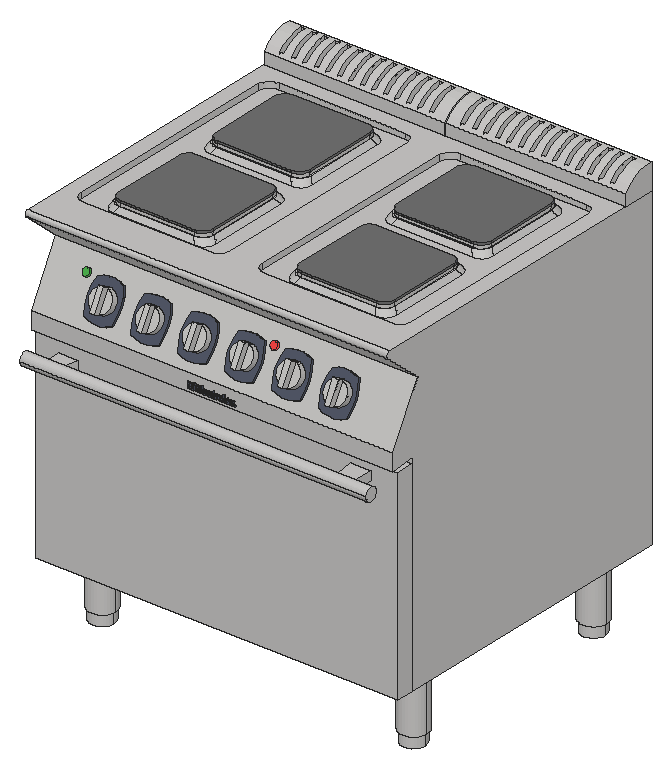
Revit family "QF_ELECTROLUXPROFESSIONAL_371129_E7ECEH4QEN", category Specialty Equipment, Revit 2018
Family settings
  Round Connector Dimension = Use Diameter
  Part Type = Normal
  Work Plane-Based = No
  Always vertical = Yes
  Cut with Voids When Loaded = No
  Shared = No
  Room Calculation Point = No
Parameters
  Width = 800.1 mm  # constant formula
  Weight in Pounds = 176  # constant formula
  Watts = 16400 VA  # 16400 W
  Volts = 230 V  # constant formula
  URL Cutsheet = "www.electrolux.com/foodservice"
  URL = "www.electrolux.com/foodservice"
  Type Mark [instance] = ""
  Status [instance] = ""
  Specification by User [instance] = ""
  Specification by Manufacturer = ""
  Show Logo [instance] = yes
  Show Clearance [instance] = yes
  Serial Number = ""
  Seismic Rating = ""
  SMACNA No = ""
  Revision Code [instance] = ""
  Phase = 3  # constant formula
  Omniclass Number and Title = ""
  Number of Poles [instance] = 1
  NAFEM Spec ID Number = ""
  Model = "371129"
  Min Ckt Ampacity = 0 A
  Max Overcurrent Protection = 0 A
  Masterspec = ""
  Manufacturer = "ELECTROLUX"
  Item Number [instance] = ""
  Installed By [instance] = ""
  Identify Quantity as Lot [instance] = yes
  Height = 908.1 mm  # constant formula
  HP = "22 HP"
  Furnished By [instance] = ""
  Foodservice Equipment Identifier [instance] = yes
  FL Amps = if(Phase = 3, Watts / (Volts * 1.73), Watts / Volts)  # 41.2164 A
  Electrical Remarks [instance] = "230 V/3 ph/50/60 Hz"  # constant formula
  Electric Connection Type [instance] = ""
  Elec Conn RI Height [instance] = 0 mm
  Elec Conn Connection Height [instance] = 0 mm
  Direct Waste Size = 0"
  Description = "700XP 4 Hot Square Plate Electric Boiling Top 2.6KW on Electric Oven - 230V"
  Depth = 730.25 mm  # constant formula
  Cycle = if([60 Hertz Option], 60 Hz, 50 Hz)  # 60 Hz
  Conn Plug = ""
  Conn Conduit = yes
  CSI MasterFormat = ""
  CSI Master Format = ""
  Base Height [instance] = 150 mm  # constant formula
  Apparent Power = if(Phase = 3, Volts * FL Amps * 1.73, Volts * FL Amps)  # 16400 VA
  60 Hertz Option = not([50 Hertz Option])  # yes
  50 Hertz Option = no
Reference planes
  plane 1 "BACK": y = 0
  plane 2: z = 0
  plane 3 "LEFT": x = 0
  plane 4 "RIGHT": x = 800.1
  plane 5 "FRONT": y = -730.25
  plane 6 "TOP": z = 908.1
  plane 7 "Center Y": x = 400.05
  plane 8 "Center X": y = -365.125
  plane 9 "TOP A": z = 851
  plane 10: z = 150
Forms (mm)
  Extrusion 1, solid, material "QF_Finishes_Stainless Steel"
    sketch origin (0, 0, 0) x (0, 1, 0) y (0, 0, 1)
      loop
        line (0, 851) -> (-722.928, 851)
        arc (-722.928, 851) -> (-729.69, 846.314) -> (-727.679, 838.336) r 7.223
        line (-727.679, 838.336) -> (-646.919, 767.809) -> (-713.772, 646.19) -> (-713.772, 608.09) -> (-660.4, 613.7) -> (-660.4, 150) -> (0, 150) -> (0, 851)
    from 0 to 800.1
  Extrusion 2, solid, material "QF_Finishes_Clearance", visible <- "Show Clearance", detail levels coarse
    sketch origin (0, 0, 0) x (1, 0, 0) y (0, 1, 0)
      loop
        line (0, -730.25) -> (0, 0) -> (800.1, 0) -> (800.1, -730.25) -> (950.119, -730.25) -> (950.119, 150.019) -> (-150.019, 150.019) -> (-150.019, -730.25) -> (0, -730.25)
    from 0 to 908.1
  Revolve 3, solid, material "QF_Finishes_Stainless Steel"
    sketch origin (0, -587.387, 608.09) x (0, 0, 1) y (-1, 0, 0)
      loop
        line (-608.09, -56) -> (-458.09, -56) -> (-458.09, -26) -> (-583.09, -26) -> (-583.09, -29.75) -> (-608.09, -29.75) -> (-608.09, -56)
      axis (-608.09, -56) -> (-458.09, -56)
    angle from 0 to 360
  Revolve 4, solid, material "QF_Finishes_Stainless Steel"
    sketch origin (400.05, -587.387, 608.09) x (0, 0, 1) y (-1, 0, 0)
      loop
        line (-608.09, -344.05) -> (-608.09, -370.3) -> (-583.09, -370.3) -> (-583.09, -374.05) -> (-458.09, -374.05) -> (-458.09, -344.05) -> (-608.09, -344.05)
      axis (-608.09, -344.05) -> (-458.09, -344.05)
    angle from 0 to 360
  Revolve 5, solid, material "QF_Finishes_Stainless Steel"
    sketch origin (0, -90, 608.09) x (0, 0, 1) y (-1, 0, 0)
      loop
        line (-608.09, -56) -> (-458.09, -56) -> (-458.09, -26) -> (-583.09, -26) -> (-583.09, -29.75) -> (-608.09, -29.75) -> (-608.09, -56)
      axis (-608.09, -56) -> (-458.09, -56)
    angle from 0 to 360
  Revolve 6, solid, material "QF_Finishes_Stainless Steel"
    sketch origin (400.05, -90, 608.09) x (0, 0, 1) y (-1, 0, 0)
      loop
        line (-608.09, -344.05) -> (-608.09, -370.3) -> (-583.09, -370.3) -> (-583.09, -374.05) -> (-458.09, -374.05) -> (-458.09, -344.05) -> (-608.09, -344.05)
      axis (-608.09, -344.05) -> (-458.09, -344.05)
    angle from 0 to 360
  Extrusion 7, solid, material "QF_Finishes_Stainless Steel"
    sketch origin (-77.88, -4572, 150) x (-1, 0, 0) y (0, -1, 0)
      loop
        circle (-830.355, -4059.238) r 12.7
    from 3.2 to 0
  Extrusion 8, solid, material "QF_Finishes_Stainless Steel"
    sketch origin (199.231, -12.7, -7.5) x (0, 1, 0) y (0, 0, 1)
      loop
        circle (-740.063, 582.209) r 14
    from -181.531 to 583.169
  Extrusion 9, solid, material "QF_Finishes_Stainless Steel"
    sketch origin (-23.75, -12.7, 562.009) x (-1, 0, 0) y (0, -1, 0)
      loop
        line (-84.731, 741.563) -> (-118.724, 741.563) -> (-126.38, 700.088) -> (-84.731, 700.088) -> (-84.731, 741.563)
      loop
        line (-762.869, 741.563) -> (-762.869, 687.387) -> (-718.876, 687.387) -> (-728.876, 741.563) -> (-762.869, 741.563)
    from 0 to 21.491
  Extrusion 10, solid, material "QF_Finishes_Navy Blue", visible <- "Show Logo"
    sketch origin (59.194, -713.772, 608.09) x (0, 0, 1) y (-1, 0, 0)
      loop
        line (20.674, -296.698) -> (8.307, -296.698)
        arc (8.307, -296.698) -> (14.491, -301.27) -> (20.674, -296.698) r 6.467
      loop
        arc (20.674, -296.069) -> (19.505, -290.926) -> (14.849, -288.448) r 6.338
        line (14.849, -288.448) -> (14.849, -290.494)
        arc (14.849, -290.494) -> (16.333, -294.149) -> (19.778, -296.069) r 5.941
        line (19.778, -296.069) -> (20.674, -296.069)
      loop
        arc (9.203, -296.069) -> (12.648, -294.149) -> (14.132, -290.494) r 5.941
        line (14.132, -290.494) -> (14.132, -288.448)
        arc (14.132, -288.448) -> (9.438, -290.922) -> (8.148, -296.069) r 6.504
        line (8.148, -296.069) -> (9.203, -296.069)
      loop
        line (21.349, -287.979) -> (7.604, -287.979) -> (7.604, -301.742) -> (21.349, -301.742) -> (21.349, -287.979)
      loop
        arc (21.432, -304.71) -> (21.085, -304.352) -> (20.718, -304.69) r 0.358
        arc (20.718, -304.69) -> (20.404, -305.44) -> (19.687, -305.825) r 1.216
        line (19.687, -305.825) -> (9.274, -305.825)
        arc (9.274, -305.825) -> (8.614, -305.548) -> (8.218, -304.951) r 1.238
        arc (8.218, -304.951) -> (7.823, -304.7) -> (7.518, -305.054) r 0.358
        line (7.518, -305.054) -> (7.518, -314.933) -> (10.269, -314.933) -> (10.269, -314.036)
        arc (10.269, -314.036) -> (9.36, -313.456) -> (8.904, -312.479) r 1.928
        line (8.904, -312.479) -> (8.904, -309.98)
        arc (8.904, -309.98) -> (9.18, -309.251) -> (9.868, -308.887) r 1.101
        line (9.868, -308.887) -> (13.955, -308.887) -> (13.955, -312.561)
        arc (13.955, -312.561) -> (13.602, -313.058) -> (13.037, -313.286) r 1.083
        arc (13.037, -313.286) -> (12.773, -313.591) -> (13.065, -313.869) r 0.292
        line (13.065, -313.869) -> (16.028, -313.869)
        arc (16.028, -313.869) -> (16.33, -313.596) -> (16.092, -313.266) r 0.305
        arc (16.092, -313.266) -> (15.601, -313.018) -> (15.296, -312.561) r 1.083
        line (15.296, -312.561) -> (15.296, -308.887) -> (19.973, -308.887) -> (19.973, -312.635)
        arc (19.973, -312.635) -> (19.759, -313.39) -> (19.153, -313.888) r 1.314
        arc (19.153, -313.888) -> (18.934, -314.292) -> (19.288, -314.585) r 0.361
        line (19.288, -314.585) -> (21.432, -314.585) -> (21.432, -304.71)
      loop
        arc (20.715, -315.365) -> (20.335, -316.284) -> (19.416, -316.664) r 1.299
        line (19.416, -316.664) -> (9.837, -316.664)
        arc (9.837, -316.664) -> (8.999, -316.286) -> (8.728, -315.408) r 1.118
        line (8.728, -315.408) -> (7.518, -315.408) -> (7.518, -320.758) -> (8.706, -320.758)
        arc (8.706, -320.758) -> (8.978, -319.841) -> (9.848, -319.445) r 1.153
        line (9.848, -319.445) -> (21.92, -319.445) -> (20.715, -315.365)
      loop
        line (12.483, -323.394) -> (12.483, -329.842) -> (13.282, -329.842)
        arc (13.282, -329.842) -> (15.862, -328.857) -> (17.131, -326.404) r 3.874
        line (17.131, -326.404) -> (17.131, -324.643)
        arc (17.131, -324.643) -> (15.944, -321.778) -> (13.08, -320.592) r 4.051
        line (13.08, -320.592) -> (11.072, -320.592)
        arc (11.072, -320.592) -> (8.253, -322.077) -> (7.202, -325.084) r 4.352
        arc (7.202, -325.084) -> (7.566, -327.547) -> (8.943, -329.621) r 5.713
        line (8.943, -329.621) -> (9.892, -329.621)
        arc (9.892, -329.621) -> (9.16, -328.052) -> (8.943, -326.334) r 5.579
        arc (8.943, -326.334) -> (9.737, -324.371) -> (11.616, -323.394) r 3.057
        line (11.616, -323.394) -> (12.483, -323.394)
      loop
        line (13.742, -323.394) -> (13.742, -326.977)
        arc (13.742, -326.977) -> (15.199, -327.024) -> (16.082, -325.864) r 1.59
        line (16.082, -325.864) -> (16.082, -325.034)
        arc (16.082, -325.034) -> (15.217, -323.779) -> (13.742, -323.394) r 2.184
      loop
        arc (16.533, -339.259) -> (17.022, -337.585) -> (17.179, -335.848) r 9.023
        line (17.179, -335.848) -> (17.179, -334.486)
        arc (17.179, -334.486) -> (16.02, -331.686) -> (13.22, -330.527) r 3.959
        line (13.22, -330.527) -> (10.62, -330.527)
        arc (10.62, -330.527) -> (8.338, -331.819) -> (7.221, -334.192) r 4.331
        line (7.221, -334.192) -> (7.221, -336.327)
        arc (7.221, -336.327) -> (7.729, -337.877) -> (8.651, -339.223) r 5.772
        arc (8.651, -339.223) -> (9.412, -339.274) -> (9.499, -338.515) r 0.553
        arc (9.499, -338.515) -> (9.111, -337.781) -> (8.977, -336.962) r 2.573
        line (8.977, -336.962) -> (8.977, -335.447)
        arc (8.977, -335.447) -> (9.983, -333.806) -> (11.798, -333.163) r 2.884
        line (11.798, -333.163) -> (13.077, -333.163)
        arc (13.077, -333.163) -> (14.898, -333.723) -> (15.824, -335.388) r 2.554
        line (15.824, -335.388) -> (15.824, -336.441)
        arc (15.824, -336.441) -> (15.493, -337.369) -> (14.836, -338.104) r 2.564
        arc (14.836, -338.104) -> (14.614, -338.821) -> (15.223, -339.259) r 0.643
        line (15.223, -339.259) -> (16.533, -339.259)
      loop
        line (15.515, -339.53) -> (15.515, -341.031) -> (9.467, -341.031)
        arc (9.467, -341.031) -> (7.879, -341.688) -> (7.221, -343.276) r 2.246
        line (7.221, -343.276) -> (7.221, -344.86)
        arc (7.221, -344.86) -> (7.535, -345.725) -> (8.035, -346.496) r 4.06
        arc (8.035, -346.496) -> (8.768, -346.629) -> (9.019, -345.928) r 0.576
        arc (9.019, -345.928) -> (8.913, -345.403) -> (8.977, -344.87) r 1.69
        arc (8.977, -344.87) -> (9.519, -344.082) -> (10.425, -343.779) r 1.506
        line (10.425, -343.779) -> (15.563, -343.779) -> (15.563, -346.176) -> (16.119, -346.733) -> (16.941, -346.733) -> (16.941, -343.873) -> (20.172, -343.873) -> (15.515, -339.53)
      loop
        line (7.438, -347.63) -> (7.438, -353.017) -> (8.548, -353.017)
        arc (8.548, -353.017) -> (8.942, -352.066) -> (9.893, -351.672) r 1.345
        line (9.893, -351.672) -> (13.509, -351.672)
        arc (13.509, -351.672) -> (14.274, -352.264) -> (14.564, -353.186) r 1.615
        line (14.564, -353.186) -> (14.564, -354.742) -> (17.119, -355.427) -> (17.119, -354.044) -> (15.177, -351.485) -> (17.057, -351.485) -> (16.773, -348.779)
        arc (16.773, -348.779) -> (16.333, -348.249) -> (15.674, -348.45) r 0.621
        arc (15.674, -348.45) -> (15.274, -348.792) -> (14.78, -348.975) r 1.501
        line (14.78, -348.975) -> (9.893, -348.975)
        arc (9.893, -348.975) -> (8.942, -348.581) -> (8.548, -347.63) r 1.345
        line (8.548, -347.63) -> (7.438, -347.63)
      loop
        line (13.54, -354.964) -> (10.848, -354.964)
        arc (10.848, -354.964) -> (8.403, -356.272) -> (7.269, -358.803) r 4.288
        arc (7.269, -358.803) -> (7.205, -360.183) -> (7.269, -361.563) r 15.022
        arc (7.269, -361.563) -> (8.403, -364.094) -> (10.848, -365.401) r 4.288
        line (10.848, -365.401) -> (13.54, -365.401)
        arc (13.54, -365.401) -> (15.986, -364.094) -> (17.119, -361.563) r 4.288
        arc (17.119, -361.563) -> (17.183, -360.183) -> (17.119, -358.803) r 15.022
        arc (17.119, -358.803) -> (15.986, -356.272) -> (13.54, -354.964) r 4.288
      loop
        line (13.745, -358.078) -> (10.643, -358.078)
        arc (10.643, -358.078) -> (8.486, -360.235) -> (10.643, -362.392) r 2.157
        line (10.643, -362.392) -> (13.745, -362.392)
        arc (13.745, -362.392) -> (15.902, -360.235) -> (13.745, -358.078) r 2.157
      loop
        arc (20.726, -365.26) -> (20.355, -366.154) -> (19.461, -366.524) r 1.264
        line (19.461, -366.524) -> (9.597, -366.524)
        arc (9.597, -366.524) -> (8.727, -366.127) -> (8.455, -365.211) r 1.153
        line (8.455, -365.211) -> (7.518, -365.211) -> (7.518, -370.319) -> (8.446, -370.319)
        arc (8.446, -370.319) -> (8.805, -369.547) -> (9.597, -369.232) r 1.153
        line (9.597, -369.232) -> (21.92, -369.232) -> (20.726, -365.26)
      loop
        arc (15.846, -369.857) -> (15.647, -370.921) -> (14.678, -371.403) r 1.215
        line (14.678, -371.403) -> (9.658, -371.403)
        arc (9.658, -371.403) -> (8.043, -372.051) -> (7.322, -373.634) r 2.338
        line (7.322, -373.634) -> (7.322, -375.148)
        arc (7.322, -375.148) -> (7.497, -376.152) -> (7.999, -377.038) r 2.979
        line (7.999, -377.038) -> (7.518, -378.835) -> (7.518, -380.524) -> (16.943, -380.524) -> (16.649, -376.32) -> (15.863, -376.32)
        arc (15.863, -376.32) -> (15.507, -377.156) -> (14.755, -377.665) r 1.605
        line (14.755, -377.665) -> (9.652, -377.665)
        arc (9.652, -377.665) -> (9.232, -376.728) -> (9.159, -375.704) r 2.94
        arc (9.159, -375.704) -> (9.72, -374.603) -> (10.873, -374.16) r 1.724
        line (10.873, -374.16) -> (17.07, -374.16) -> (15.846, -369.857)
      loop
        line (16.874, -381.377) -> (15.202, -383.423) -> (12.028, -385.729) -> (8.572, -382.617)
        arc (8.572, -382.617) -> (8.335, -382.223) -> (8.357, -381.764) r 0.789
        line (8.357, -381.764) -> (7.518, -381.764) -> (7.518, -385.309) -> (8.344, -385.309)
        arc (8.344, -385.309) -> (8.686, -384.947) -> (9.176, -385.039) r 0.52
        line (9.176, -385.039) -> (10.976, -386.51) -> (8.858, -387.886)
        arc (8.858, -387.886) -> (8.457, -387.576) -> (8.37, -387.076) r 0.7
        line (8.37, -387.076) -> (7.518, -387.076) -> (7.518, -393.003) -> (8.405, -393.003)
        arc (8.405, -393.003) -> (8.472, -392.344) -> (8.866, -391.813) r 1.247
        line (8.866, -391.813) -> (13.066, -388.532) -> (15.513, -390.585) -> (16.874, -392.327) -> (16.874, -388.604) -> (15.389, -389.026) -> (13.868, -387.749) -> (15.568, -386.559) -> (16.874, -387.336) -> (16.874, -381.377)
    from 0 to 1.644
  Extrusion 11, solid, material "QF_Finishes_Stainless Steel"
    sketch origin (0, -660.4, 601) x (0, 0, 1) y (-1, 0, 0)
      loop
        line (0, -800.1) -> (0, 0) -> (-451, 0) -> (-451, -800.1) -> (0, -800.1)
    from 1.588 to 39.688
  Extrusion 12, solid, material "QF_Finishes_Navy Blue"
    sketch origin (-221.762, -716.743, 640.785) x (0, 0.481713, 0.876329) y (-1, 0, 0)
      loop
        arc (105.947, -332.692) -> (68.865, -323.711) -> (31.333, -330.573) r 91.844
        arc (31.333, -330.573) -> (24.206, -361.215) -> (31.333, -391.858) r 69.441
        arc (31.333, -391.858) -> (68.854, -398.569) -> (105.947, -389.79) r 93.759
        arc (105.947, -389.79) -> (112.176, -361.241) -> (105.947, -332.692) r 68.543
    from 0 to 3.175
  Extrusion 13, solid, material "QF_Finishes_Stainless Steel"
    sketch origin (-20.512, -719.526, 642.314) x (0, 0.481713, 0.876329) y (-1, 0, 0)
      loop
        circle (68.826, -160.963) r 25.4
    from 0 to 12.7
  Extrusion 14, solid, material "QF_Finishes_Stainless Steel"
    sketch origin (-20.512, -730.655, 648.432) x (0, 0.481713, 0.876329) y (-1, 0, 0)
      loop
        arc (93.558, -166.749) -> (94.226, -160.963) -> (93.558, -155.177) r 25.4
        line (93.558, -155.177) -> (44.094, -155.177)
        arc (44.094, -155.177) -> (43.426, -160.963) -> (44.094, -166.749) r 25.4
        line (44.094, -166.749) -> (93.558, -166.749)
    from 0 to 12.7
  Extrusion 15, solid, material "QF_Finishes_Green"
    sketch origin (-92.5, -696.912, 676.862) x (0, 0.481713, 0.876329) y (-1, 0, 0)
      loop
        circle (63.365, -178.251) r 8
    from 0 to 3.175
  Extrusion 16, solid, material "QF_Finishes_Door Clearance", visible <- "Show Clearance", detail levels coarse
    sketch origin (400.05, 0, 0) x (0, 1, 0) y (0, 0, 1)
      loop
        line (-700.088, 150) -> (-700.088, 601)
        arc (-700.088, 601) -> (-992.356, 454.945) -> (-1109.663, 150) r 451.686
        line (-1109.663, 150) -> (-700.088, 150)
    from -400.05 to 400.05
  Extrusion 17, solid, material "QF_Finishes_Navy Blue"
    sketch origin (297.436, -716.743, 640.785) x (0, 0.481713, 0.876329) y (-1, 0, 0)
      loop
        arc (105.947, -332.692) -> (68.865, -323.711) -> (31.333, -330.573) r 91.844
        arc (31.333, -330.573) -> (24.206, -361.215) -> (31.333, -391.858) r 69.441
        arc (31.333, -391.858) -> (68.854, -398.569) -> (105.947, -389.79) r 93.759
        arc (105.947, -389.79) -> (112.176, -361.241) -> (105.947, -332.692) r 68.543
    from 0 to 3.175
  Extrusion 18, solid, material "QF_Finishes_Stainless Steel"
    sketch origin (498.686, -719.526, 642.314) x (0, 0.481713, 0.876329) y (-1, 0, 0)
      loop
        circle (68.826, -160.963) r 25.4
    from 0 to 12.7
  Extrusion 19, solid, material "QF_Finishes_Stainless Steel"
    sketch origin (498.686, -730.655, 648.432) x (0, 0.481713, 0.876329) y (-1, 0, 0)
      loop
        arc (93.558, -166.749) -> (94.226, -160.963) -> (93.558, -155.177) r 25.4
        line (93.558, -155.177) -> (44.094, -155.177)
        arc (44.094, -155.177) -> (43.426, -160.963) -> (44.094, -166.749) r 25.4
        line (44.094, -166.749) -> (93.558, -166.749)
    from 0 to 12.7
  Extrusion 20, solid, material "QF_Finishes_Navy Blue"
    sketch origin (-117.922, -716.743, 640.785) x (0, 0.481713, 0.876329) y (-1, 0, 0)
      loop
        arc (105.947, -332.692) -> (68.865, -323.711) -> (31.333, -330.573) r 91.844
        arc (31.333, -330.573) -> (24.206, -361.215) -> (31.333, -391.858) r 69.441
        arc (31.333, -391.858) -> (68.854, -398.569) -> (105.947, -389.79) r 93.759
        arc (105.947, -389.79) -> (112.176, -361.241) -> (105.947, -332.692) r 68.543
    from 0 to 3.175
  Extrusion 21, solid, material "QF_Finishes_Stainless Steel"
    sketch origin (83.328, -719.526, 642.314) x (0, 0.481713, 0.876329) y (-1, 0, 0)
      loop
        circle (68.826, -160.963) r 25.4
    from 0 to 12.7
  Extrusion 22, solid, material "QF_Finishes_Stainless Steel"
    sketch origin (83.328, -730.655, 648.432) x (0, 0.481713, 0.876329) y (-1, 0, 0)
      loop
        arc (93.558, -166.749) -> (94.226, -160.963) -> (93.558, -155.177) r 25.4
        line (93.558, -155.177) -> (44.094, -155.177)
        arc (44.094, -155.177) -> (43.426, -160.963) -> (44.094, -166.749) r 25.4
        line (44.094, -166.749) -> (93.558, -166.749)
    from 0 to 12.7
  Extrusion 23, solid, material "QF_Finishes_Navy Blue"
    sketch origin (-14.083, -716.743, 640.785) x (0, 0.481713, 0.876329) y (-1, 0, 0)
      loop
        arc (105.947, -332.692) -> (68.865, -323.711) -> (31.333, -330.573) r 91.844
        arc (31.333, -330.573) -> (24.206, -361.215) -> (31.333, -391.858) r 69.441
        arc (31.333, -391.858) -> (68.854, -398.569) -> (105.947, -389.79) r 93.759
        arc (105.947, -389.79) -> (112.176, -361.241) -> (105.947, -332.692) r 68.543
    from 0 to 3.175
  Extrusion 24, solid, material "QF_Finishes_Stainless Steel"
    sketch origin (187.167, -719.526, 642.314) x (0, 0.481713, 0.876329) y (-1, 0, 0)
      loop
        circle (68.826, -160.963) r 25.4
    from 0 to 12.7
  Extrusion 25, solid, material "QF_Finishes_Stainless Steel"
    sketch origin (187.167, -730.655, 648.432) x (0, 0.481713, 0.876329) y (-1, 0, 0)
      loop
        arc (93.558, -166.749) -> (94.226, -160.963) -> (93.558, -155.177) r 25.4
        line (93.558, -155.177) -> (44.094, -155.177)
        arc (44.094, -155.177) -> (43.426, -160.963) -> (44.094, -166.749) r 25.4
        line (44.094, -166.749) -> (93.558, -166.749)
    from 0 to 12.7
  Extrusion 26, solid, material "QF_Finishes_Navy Blue"
    sketch origin (89.757, -716.743, 640.785) x (0, 0.481713, 0.876329) y (-1, 0, 0)
      loop
        arc (105.947, -332.692) -> (68.865, -323.711) -> (31.333, -330.573) r 91.844
        arc (31.333, -330.573) -> (24.206, -361.215) -> (31.333, -391.858) r 69.441
        arc (31.333, -391.858) -> (68.854, -398.569) -> (105.947, -389.79) r 93.759
        arc (105.947, -389.79) -> (112.176, -361.241) -> (105.947, -332.692) r 68.543
    from 0 to 3.175
  Extrusion 27, solid, material "QF_Finishes_Stainless Steel"
    sketch origin (291.007, -719.526, 642.314) x (0, 0.481713, 0.876329) y (-1, 0, 0)
      loop
        circle (68.826, -160.963) r 25.4
    from 0 to 12.7
  Extrusion 28, solid, material "QF_Finishes_Stainless Steel"
    sketch origin (291.007, -730.655, 648.432) x (0, 0.481713, 0.876329) y (-1, 0, 0)
      loop
        arc (93.558, -166.749) -> (94.226, -160.963) -> (93.558, -155.177) r 25.4
        line (93.558, -155.177) -> (44.094, -155.177)
        arc (44.094, -155.177) -> (43.426, -160.963) -> (44.094, -166.749) r 25.4
        line (44.094, -166.749) -> (93.558, -166.749)
    from 0 to 12.7
  Extrusion 29, solid, material "QF_Finishes_Navy Blue"
    sketch origin (193.596, -716.743, 640.785) x (0, 0.481713, 0.876329) y (-1, 0, 0)
      loop
        arc (105.947, -332.692) -> (68.865, -323.711) -> (31.333, -330.573) r 91.844
        arc (31.333, -330.573) -> (24.206, -361.215) -> (31.333, -391.858) r 69.441
        arc (31.333, -391.858) -> (68.854, -398.569) -> (105.947, -389.79) r 93.759
        arc (105.947, -389.79) -> (112.176, -361.241) -> (105.947, -332.692) r 68.543
    from 0 to 3.175
  Extrusion 30, solid, material "QF_Finishes_Stainless Steel"
    sketch origin (394.846, -719.526, 642.314) x (0, 0.481713, 0.876329) y (-1, 0, 0)
      loop
        circle (68.826, -160.963) r 25.4
    from 0 to 12.7
  Extrusion 31, solid, material "QF_Finishes_Stainless Steel"
    sketch origin (394.846, -730.655, 648.432) x (0, 0.481713, 0.876329) y (-1, 0, 0)
      loop
        arc (93.558, -166.749) -> (94.226, -160.963) -> (93.558, -155.177) r 25.4
        line (93.558, -155.177) -> (44.094, -155.177)
        arc (44.094, -155.177) -> (43.426, -160.963) -> (44.094, -166.749) r 25.4
        line (44.094, -166.749) -> (93.558, -166.749)
    from 0 to 12.7
  Extrusion 32, solid, material "QF_Finishes_Stainless Steel"
    sketch origin (0, 0, 576.362) x (0, 1, 0) y (0, 0, 1)
      loop
        line (0, 274.638) -> (0, 331.738)
        arc (0, 331.738) -> (-38.857, 324.552) -> (-69.85, 300.038) r 82.056
        line (-69.85, 300.038) -> (-69.85, 274.638) -> (0, 274.638)
    from 0 to 400.05
  Extrusion 33, void
    sketch origin (0, 0, 851) x (0, -1, 0) y (1, 0, 0)
      loop
        line (6.761, 29.703) -> (63.911, 29.703) -> (63.911, 38.999) -> (6.761, 38.999) -> (6.761, 29.703)
      loop
        line (63.911, 64.487) -> (6.761, 64.487) -> (6.761, 55.191) -> (63.911, 55.191) -> (63.911, 64.487)
      loop
        line (63.911, 89.975) -> (6.761, 89.975) -> (6.761, 80.68) -> (63.911, 80.68) -> (63.911, 89.975)
      loop
        line (63.911, 115.464) -> (6.761, 115.464) -> (6.761, 106.168) -> (63.911, 106.168) -> (63.911, 115.464)
      loop
        line (63.911, 140.952) -> (6.761, 140.952) -> (6.761, 131.656) -> (63.911, 131.656) -> (63.911, 140.952)
      loop
        line (63.911, 166.44) -> (6.761, 166.44) -> (6.761, 157.145) -> (63.911, 157.145) -> (63.911, 166.44)
      loop
        line (63.911, 191.929) -> (6.761, 191.929) -> (6.761, 182.633) -> (63.911, 182.633) -> (63.911, 191.929)
      loop
        line (63.911, 217.417) -> (6.761, 217.417) -> (6.761, 208.121) -> (63.911, 208.121) -> (63.911, 217.417)
      loop
        line (63.911, 242.905) -> (6.761, 242.905) -> (6.761, 233.61) -> (63.911, 233.61) -> (63.911, 242.905)
      loop
        line (63.911, 268.394) -> (6.761, 268.394) -> (6.761, 259.098) -> (63.911, 259.098) -> (63.911, 268.394)
      loop
        line (63.911, 293.882) -> (6.761, 293.882) -> (6.761, 284.586) -> (63.911, 284.586) -> (63.911, 293.882)
      loop
        line (63.911, 319.37) -> (6.761, 319.37) -> (6.761, 310.075) -> (63.911, 310.075) -> (63.911, 319.37)
      loop
        line (63.911, 344.859) -> (6.761, 344.859) -> (6.761, 335.563) -> (63.911, 335.563) -> (63.911, 344.859)
      loop
        line (63.911, 370.347) -> (6.761, 370.347) -> (6.761, 361.051) -> (63.911, 361.051) -> (63.911, 370.347)
    from 25.4 to 63.5
  Extrusion 34, void
    sketch origin (0, 0, 851) x (1, 0, 0) y (0, -1, 0)
      loop
        line (60.425, 104.885) -> (339.625, 104.885)
        arc (339.625, 104.885) -> (357.586, 112.324) -> (365.025, 130.285) r 25.4
        line (365.025, 130.285) -> (365.025, 619.485)
        arc (365.025, 619.485) -> (357.586, 637.445) -> (339.625, 644.885) r 25.4
        line (339.625, 644.885) -> (60.425, 644.885)
        arc (60.425, 644.885) -> (42.464, 637.445) -> (35.025, 619.485) r 25.4
        line (35.025, 619.485) -> (35.025, 130.285)
        arc (35.025, 130.285) -> (42.464, 112.324) -> (60.425, 104.885) r 25.4
      loop
        arc (739.675, 104.885) -> (757.636, 112.324) -> (765.075, 130.285) r 25.4
        line (765.075, 130.285) -> (765.075, 619.485)
        arc (765.075, 619.485) -> (757.636, 637.445) -> (739.675, 644.885) r 25.4
        line (739.675, 644.885) -> (460.475, 644.885)
        arc (460.475, 644.885) -> (442.514, 637.445) -> (435.075, 619.485) r 25.4
        line (435.075, 619.485) -> (435.075, 130.285)
        arc (435.075, 130.285) -> (442.514, 112.324) -> (460.475, 104.885) r 25.4
        line (460.475, 104.885) -> (739.675, 104.885)
    from 0 to 12.7
  Extrusion 35, solid, material "QF_Finishes_Stainless Steel"
    sketch origin (400.05, 0, 576.362) x (0, 1, 0) y (0, 0, 1)
      loop
        line (0, 274.638) -> (0, 331.738)
        arc (0, 331.738) -> (-38.857, 324.552) -> (-69.85, 300.038) r 82.056
        line (-69.85, 300.038) -> (-69.85, 274.638) -> (0, 274.638)
    from 0 to 400.05
  Extrusion 36, void
    sketch origin (400.05, 0, 851) x (0, -1, 0) y (1, 0, 0)
      loop
        line (6.761, 29.703) -> (63.911, 29.703) -> (63.911, 38.999) -> (6.761, 38.999) -> (6.761, 29.703)
      loop
        line (63.911, 64.487) -> (6.761, 64.487) -> (6.761, 55.191) -> (63.911, 55.191) -> (63.911, 64.487)
      loop
        line (63.911, 89.975) -> (6.761, 89.975) -> (6.761, 80.68) -> (63.911, 80.68) -> (63.911, 89.975)
      loop
        line (63.911, 115.464) -> (6.761, 115.464) -> (6.761, 106.168) -> (63.911, 106.168) -> (63.911, 115.464)
      loop
        line (63.911, 140.952) -> (6.761, 140.952) -> (6.761, 131.656) -> (63.911, 131.656) -> (63.911, 140.952)
      loop
        line (63.911, 166.44) -> (6.761, 166.44) -> (6.761, 157.145) -> (63.911, 157.145) -> (63.911, 166.44)
      loop
        line (63.911, 191.929) -> (6.761, 191.929) -> (6.761, 182.633) -> (63.911, 182.633) -> (63.911, 191.929)
      loop
        line (63.911, 217.417) -> (6.761, 217.417) -> (6.761, 208.121) -> (63.911, 208.121) -> (63.911, 217.417)
      loop
        line (63.911, 242.905) -> (6.761, 242.905) -> (6.761, 233.61) -> (63.911, 233.61) -> (63.911, 242.905)
      loop
        line (63.911, 268.394) -> (6.761, 268.394) -> (6.761, 259.098) -> (63.911, 259.098) -> (63.911, 268.394)
      loop
        line (63.911, 293.882) -> (6.761, 293.882) -> (6.761, 284.586) -> (63.911, 284.586) -> (63.911, 293.882)
      loop
        line (63.911, 319.37) -> (6.761, 319.37) -> (6.761, 310.075) -> (63.911, 310.075) -> (63.911, 319.37)
      loop
        line (63.911, 344.859) -> (6.761, 344.859) -> (6.761, 335.563) -> (63.911, 335.563) -> (63.911, 344.859)
      loop
        line (63.911, 370.347) -> (6.761, 370.347) -> (6.761, 361.051) -> (63.911, 361.051) -> (63.911, 370.347)
    from 25.4 to 63.5
  Extrusion 37, solid, material "QF_Finishes_Red"
    sketch origin (322.858, -696.912, 676.862) x (0, 0.481713, 0.876329) y (-1, 0, 0)
      loop
        circle (63.365, -178.251) r 8
    from 0 to 3.175
Cuts and joins
  joined: Extrusion 8, Extrusion 9
  Extrusion 33, Extrusion 36 cuts Extrusion 32
  Extrusion 34 cuts Extrusion 1
  Extrusion 36 cuts Extrusion 2
  Extrusion 36 cuts Extrusion 35
Lines and regions (mm)
  symbolic lines, style "QF-Clearances", visible <- "Show Clearance", detail levels coarse
    curve 1: line (-150.019, 150.019, 851) -> (-150.019, -731.627, 851)
    curve 2: line (950.119, 150.019, 851) -> (-150.019, 150.019, 851)
    curve 3: line (950.119, -731.627, 851) -> (950.119, 150.019, 851)
  symbolic lines
    curve 4: line (0, 0, 851) -> (800.1, 0, 851)
    curve 5: line (0, -730.25, 851) -> (0, 0, 851)
    curve 6: line (800.1, 0, 851) -> (800.1, -730.25, 851)
    curve 7: line (0, -69.85, 851) -> (0, -63.012, 851)
    curve 8: line (800.1, -730.25, 851) -> (0, -730.25, 851)
    curve 9: line (0, -69.85, 851) -> (800.1, -69.85, 851)
    curve 13: line (17.7, -738.763, 851) -> (17.7, -766.763, 851)
    curve 14: line (782.4, -766.763, 851) -> (17.7, -766.763, 851)
    curve 15: line (782.4, -738.763, 851) -> (782.4, -766.763, 851)
    curve 16: line (400.05, -69.85, 851) -> (400.05, -63.012, 851)
    curve 17: line (17.7, -738.763, 851) -> (782.4, -738.763, 851)
    curve 18: line (60.981, -738.763, 851) -> (60.981, -730.25, 851)
    curve 19: line (97.835, -738.763, 851) -> (99.406, -730.25, 851)
    curve 20: line (739.119, -738.763, 851) -> (739.119, -730.25, 851)
    curve 21: line (702.265, -738.763, 851) -> (700.694, -730.25, 851)
    curve 22: line (60.425, -104.885, 851) -> (339.625, -104.885, 851)
    curve 23: arc (339.625, -104.885, 851) -> (357.586, -112.324, 851) -> (365.025, -130.285, 851) r 25.4
    curve 24: line (365.025, -130.285, 851) -> (365.025, -619.485, 851)
    curve 25: arc (365.025, -619.485, 851) -> (357.586, -637.445, 851) -> (339.625, -644.885, 851) r 25.4
    curve 26: line (339.625, -644.885, 851) -> (60.425, -644.885, 851)
    curve 27: arc (60.425, -644.885, 851) -> (42.464, -637.445, 851) -> (35.025, -619.485, 851) r 25.4
    curve 28: line (35.025, -619.485, 851) -> (35.025, -130.285, 851)
    curve 29: arc (35.025, -130.285, 851) -> (42.464, -112.324, 851) -> (60.425, -104.885, 851) r 25.4
    curve 30: line (460.475, -104.885, 851) -> (739.675, -104.885, 851)
    curve 31: arc (739.675, -104.885, 851) -> (757.636, -112.324, 851) -> (765.075, -130.285, 851) r 25.4
    curve 32: line (765.075, -130.285, 851) -> (765.075, -619.485, 851)
    curve 33: arc (765.075, -619.485, 851) -> (757.636, -637.445, 851) -> (739.675, -644.885, 851) r 25.4
    curve 34: line (739.675, -644.885, 851) -> (460.475, -644.885, 851)
    curve 35: arc (460.475, -644.885, 851) -> (442.514, -637.445, 851) -> (435.075, -619.485, 851) r 25.4
    curve 36: line (435.075, -619.485, 851) -> (435.075, -130.285, 851)
    curve 37: arc (435.075, -130.285, 851) -> (442.514, -112.324, 851) -> (460.475, -104.885, 851) r 25.4
    curve 38: line (400.05, -69.85, 851) -> (400.05, 0, 851)
    curve 39: line (29.703, -6.761, 851) -> (38.999, -6.761, 851)
    curve 40: line (29.703, -63.911, 851) -> (29.703, -6.761, 851)
    curve 41: line (38.999, -63.911, 851) -> (29.703, -63.911, 851)
    curve 42: line (38.999, -6.761, 851) -> (38.999, -63.911, 851)
    curve 43: line (55.191, -6.761, 851) -> (64.487, -6.761, 851)
    curve 44: line (55.191, -63.911, 851) -> (55.191, -6.761, 851)
    curve 45: line (64.487, -63.911, 851) -> (55.191, -63.911, 851)
    curve 46: line (64.487, -6.761, 851) -> (64.487, -63.911, 851)
    curve 47: line (80.68, -6.761, 851) -> (89.975, -6.761, 851)
    curve 48: line (80.68, -63.911, 851) -> (80.68, -6.761, 851)
    curve 49: line (89.975, -63.911, 851) -> (80.68, -63.911, 851)
    curve 50: line (89.975, -6.761, 851) -> (89.975, -63.911, 851)
    curve 51: line (106.168, -6.761, 851) -> (115.464, -6.761, 851)
    curve 52: line (106.168, -63.911, 851) -> (106.168, -6.761, 851)
    curve 53: line (115.464, -63.911, 851) -> (106.168, -63.911, 851)
    curve 54: line (115.464, -6.761, 851) -> (115.464, -63.911, 851)
    curve 55: line (131.656, -6.761, 851) -> (140.952, -6.761, 851)
    curve 56: line (131.656, -63.911, 851) -> (131.656, -6.761, 851)
    curve 57: line (140.952, -63.911, 851) -> (131.656, -63.911, 851)
    curve 58: line (140.952, -6.761, 851) -> (140.952, -63.911, 851)
    curve 59: line (157.145, -6.761, 851) -> (166.44, -6.761, 851)
    curve 60: line (157.145, -63.911, 851) -> (157.145, -6.761, 851)
    curve 61: line (166.44, -63.911, 851) -> (157.145, -63.911, 851)
    curve 62: line (166.44, -6.761, 851) -> (166.44, -63.911, 851)
    curve 63: line (182.633, -6.761, 851) -> (191.929, -6.761, 851)
    curve 64: line (182.633, -63.911, 851) -> (182.633, -6.761, 851)
    curve 65: line (191.929, -63.911, 851) -> (182.633, -63.911, 851)
    curve 66: line (191.929, -6.761, 851) -> (191.929, -63.911, 851)
    curve 67: line (208.121, -6.761, 851) -> (217.417, -6.761, 851)
    curve 68: line (208.121, -63.911, 851) -> (208.121, -6.761, 851)
    curve 69: line (217.417, -63.911, 851) -> (208.121, -63.911, 851)
    curve 70: line (217.417, -6.761, 851) -> (217.417, -63.911, 851)
    curve 71: line (233.61, -6.761, 851) -> (242.905, -6.761, 851)
    curve 72: line (233.61, -63.911, 851) -> (233.61, -6.761, 851)
    curve 73: line (242.905, -63.911, 851) -> (233.61, -63.911, 851)
    curve 74: line (242.905, -6.761, 851) -> (242.905, -63.911, 851)
    curve 75: line (259.098, -6.761, 851) -> (268.394, -6.761, 851)
    curve 76: line (259.098, -63.911, 851) -> (259.098, -6.761, 851)
    curve 77: line (268.394, -63.911, 851) -> (259.098, -63.911, 851)
    curve 78: line (268.394, -6.761, 851) -> (268.394, -63.911, 851)
    curve 79: line (284.586, -6.761, 851) -> (293.882, -6.761, 851)
    curve 80: line (284.586, -63.911, 851) -> (284.586, -6.761, 851)
    curve 81: line (293.882, -63.911, 851) -> (284.586, -63.911, 851)
    curve 82: line (293.882, -6.761, 851) -> (293.882, -63.911, 851)
    curve 83: line (310.075, -6.761, 851) -> (319.37, -6.761, 851)
    curve 84: line (310.075, -63.911, 851) -> (310.075, -6.761, 851)
    curve 85: line (319.37, -63.911, 851) -> (310.075, -63.911, 851)
    curve 86: line (319.37, -6.761, 851) -> (319.37, -63.911, 851)
    curve 87: line (335.563, -6.761, 851) -> (344.859, -6.761, 851)
    curve 88: line (335.563, -63.911, 851) -> (335.563, -6.761, 851)
    curve 89: line (344.859, -63.911, 851) -> (335.563, -63.911, 851)
    curve 90: line (344.859, -6.761, 851) -> (344.859, -63.911, 851)
    curve 91: line (361.051, -6.761, 851) -> (370.347, -6.761, 851)
    curve 92: line (361.051, -63.911, 851) -> (361.051, -6.761, 851)
    curve 93: line (370.347, -63.911, 851) -> (361.051, -63.911, 851)
    curve 94: line (370.347, -6.761, 851) -> (370.347, -63.911, 851)
    curve 95: line (770.397, -6.761, 851) -> (761.101, -6.761, 851)
    curve 96: line (770.397, -63.911, 851) -> (770.397, -6.761, 851)
    curve 97: line (761.101, -63.911, 851) -> (770.397, -63.911, 851)
    curve 98: line (761.101, -6.761, 851) -> (761.101, -63.911, 851)
    curve 99: line (744.909, -6.761, 851) -> (735.613, -6.761, 851)
    curve 100: line (744.909, -63.911, 851) -> (744.909, -6.761, 851)
    curve 101: line (735.613, -63.911, 851) -> (744.909, -63.911, 851)
    curve 102: line (735.613, -6.761, 851) -> (735.613, -63.911, 851)
    curve 103: line (719.42, -6.761, 851) -> (710.125, -6.761, 851)
    curve 104: line (719.42, -63.911, 851) -> (719.42, -6.761, 851)
    curve 105: line (710.125, -63.911, 851) -> (719.42, -63.911, 851)
    curve 106: line (710.125, -6.761, 851) -> (710.125, -63.911, 851)
    curve 107: line (693.932, -6.761, 851) -> (684.636, -6.761, 851)
    curve 108: line (693.932, -63.911, 851) -> (693.932, -6.761, 851)
    curve 109: line (684.636, -63.911, 851) -> (693.932, -63.911, 851)
    curve 110: line (684.636, -6.761, 851) -> (684.636, -63.911, 851)
    curve 111: line (668.444, -6.761, 851) -> (659.148, -6.761, 851)
    curve 112: line (668.444, -63.911, 851) -> (668.444, -6.761, 851)
    curve 113: line (659.148, -63.911, 851) -> (668.444, -63.911, 851)
    curve 114: line (659.148, -6.761, 851) -> (659.148, -63.911, 851)
    curve 115: line (642.955, -6.761, 851) -> (633.66, -6.761, 851)
    curve 116: line (642.955, -63.911, 851) -> (642.955, -6.761, 851)
    curve 117: line (633.66, -63.911, 851) -> (642.955, -63.911, 851)
    curve 118: line (633.66, -6.761, 851) -> (633.66, -63.911, 851)
    curve 119: line (617.467, -6.761, 851) -> (608.171, -6.761, 851)
    curve 120: line (617.467, -63.911, 851) -> (617.467, -6.761, 851)
    curve 121: line (608.171, -63.911, 851) -> (617.467, -63.911, 851)
    curve 122: line (608.171, -6.761, 851) -> (608.171, -63.911, 851)
    curve 123: line (591.979, -6.761, 851) -> (582.683, -6.761, 851)
    curve 124: line (591.979, -63.911, 851) -> (591.979, -6.761, 851)
    curve 125: line (582.683, -63.911, 851) -> (591.979, -63.911, 851)
    curve 126: line (582.683, -6.761, 851) -> (582.683, -63.911, 851)
    curve 127: line (566.49, -6.761, 851) -> (557.195, -6.761, 851)
    curve 128: line (566.49, -63.911, 851) -> (566.49, -6.761, 851)
    curve 129: line (557.195, -63.911, 851) -> (566.49, -63.911, 851)
    curve 130: line (557.195, -6.761, 851) -> (557.195, -63.911, 851)
    curve 131: line (541.002, -6.761, 851) -> (531.706, -6.761, 851)
    curve 132: line (541.002, -63.911, 851) -> (541.002, -6.761, 851)
    curve 133: line (531.706, -63.911, 851) -> (541.002, -63.911, 851)
    curve 134: line (531.706, -6.761, 851) -> (531.706, -63.911, 851)
    curve 135: line (515.514, -6.761, 851) -> (506.218, -6.761, 851)
    curve 136: line (515.514, -63.911, 851) -> (515.514, -6.761, 851)
    curve 137: line (506.218, -63.911, 851) -> (515.514, -63.911, 851)
    curve 138: line (506.218, -6.761, 851) -> (506.218, -63.911, 851)
    curve 139: line (490.025, -6.761, 851) -> (480.73, -6.761, 851)
    curve 140: line (490.025, -63.911, 851) -> (490.025, -6.761, 851)
    curve 141: line (480.73, -63.911, 851) -> (490.025, -63.911, 851)
    curve 142: line (480.73, -6.761, 851) -> (480.73, -63.911, 851)
    curve 143: line (464.537, -6.761, 851) -> (455.241, -6.761, 851)
    curve 144: line (464.537, -63.911, 851) -> (464.537, -6.761, 851)
    curve 145: line (455.241, -63.911, 851) -> (464.537, -63.911, 851)
    curve 146: line (455.241, -6.761, 851) -> (455.241, -63.911, 851)
    curve 147: line (439.049, -6.761, 851) -> (429.753, -6.761, 851)
    curve 148: line (439.049, -63.911, 851) -> (439.049, -6.761, 851)
    curve 149: line (429.753, -63.911, 851) -> (439.049, -63.911, 851)
    curve 150: line (429.753, -6.761, 851) -> (429.753, -63.911, 851)
  symbolic lines, style "QF-Door Swings"
    curve 10: line (0, -730.25, 851) -> (0, -1109.663, 851)
    curve 11: line (0, -1109.663, 851) -> (800.1, -1109.663, 851)
    curve 12: line (800.1, -1109.663, 851) -> (800.1, -730.25, 851)
Dimensions and locks
  equal spacing: plane 3 "LEFT", plane 7 "Center Y", plane 4 "RIGHT"
  "Width": plane 3 "LEFT" to plane 4 "RIGHT"
  equal spacing: plane 5 "FRONT", plane 8 "Center X", plane 1 "BACK"
  "Depth": plane 5 "FRONT" to plane 1 "BACK"
  plane 1 "BACK" to plane 5 "FRONT" = 730.25 mm
  "Base Height": plane 10 to level
  Extrusion 7 sketch curve to plane 1 "BACK" = 512.763 mm
  Extrusion 7 sketch curve to plane 4 "RIGHT" = 47.625 mm
  "Height": plane 6 "TOP" to level
  equal spacing: group 1, group 3, group 4, group 5, group 6, group 2  (x3)
  aligned and locked: level to plane 2
  aligned and locked: plane 4 "RIGHT" to Extrusion 1
  aligned and locked: plane 6 "TOP" to Extrusion 2
Automatic sketch dimensions
  Extrusion 12 sketch curve to Extrusion 12 sketch curve = 0 mm
  Extrusion 12 sketch curve to Extrusion 12 sketch curve = 12.3 mm  (x3)
  Extrusion 12 sketch curve to Extrusion 12 sketch curve = 34.925 mm  (x2)
  Extrusion 12 sketch curve to Extrusion 12 sketch curve = 50.015 mm
  Extrusion 12 sketch curve to Extrusion 12 sketch curve = 23.66 mm
  Extrusion 12 sketch curve to Extrusion 12 sketch curve = 25.727 mm
  Extrusion 12 sketch curve to Extrusion 12 sketch curve = 30.616 mm
  Extrusion 14 sketch curve to Extrusion 14 sketch curve = 24.732 mm
  Extrusion 14 sketch curve to Extrusion 14 sketch curve = 0 mm
  Extrusion 17 sketch curve to Extrusion 17 sketch curve = 0 mm
  Extrusion 17 sketch curve to Extrusion 17 sketch curve = 12.3 mm  (x3)
  Extrusion 17 sketch curve to Extrusion 17 sketch curve = 34.925 mm  (x2)
  Extrusion 17 sketch curve to Extrusion 17 sketch curve = 50.015 mm
  Extrusion 17 sketch curve to Extrusion 17 sketch curve = 23.66 mm
  Extrusion 17 sketch curve to Extrusion 17 sketch curve = 25.727 mm
  Extrusion 17 sketch curve to Extrusion 17 sketch curve = 30.616 mm
  Extrusion 19 sketch curve to Extrusion 19 sketch curve = 24.732 mm
  Extrusion 19 sketch curve to Extrusion 19 sketch curve = 0 mm
  Extrusion 20 sketch curve to Extrusion 20 sketch curve = 0 mm
  Extrusion 20 sketch curve to Extrusion 20 sketch curve = 12.3 mm  (x3)
  Extrusion 20 sketch curve to Extrusion 20 sketch curve = 34.925 mm  (x2)
  Extrusion 20 sketch curve to Extrusion 20 sketch curve = 50.015 mm
  Extrusion 20 sketch curve to Extrusion 20 sketch curve = 23.66 mm
  Extrusion 20 sketch curve to Extrusion 20 sketch curve = 25.727 mm
  Extrusion 20 sketch curve to Extrusion 20 sketch curve = 30.616 mm
  Extrusion 22 sketch curve to Extrusion 22 sketch curve = 24.732 mm
  Extrusion 22 sketch curve to Extrusion 22 sketch curve = 0 mm
  Extrusion 23 sketch curve to Extrusion 23 sketch curve = 0 mm
  Extrusion 23 sketch curve to Extrusion 23 sketch curve = 12.3 mm  (x3)
  Extrusion 23 sketch curve to Extrusion 23 sketch curve = 34.925 mm  (x2)
  Extrusion 23 sketch curve to Extrusion 23 sketch curve = 50.015 mm
  Extrusion 23 sketch curve to Extrusion 23 sketch curve = 23.66 mm
  Extrusion 23 sketch curve to Extrusion 23 sketch curve = 25.727 mm
  Extrusion 23 sketch curve to Extrusion 23 sketch curve = 30.616 mm
  Extrusion 25 sketch curve to Extrusion 25 sketch curve = 24.732 mm
  Extrusion 25 sketch curve to Extrusion 25 sketch curve = 0 mm
  Extrusion 26 sketch curve to Extrusion 26 sketch curve = 0 mm
  Extrusion 26 sketch curve to Extrusion 26 sketch curve = 12.3 mm  (x3)
  Extrusion 26 sketch curve to Extrusion 26 sketch curve = 34.925 mm  (x2)
  Extrusion 26 sketch curve to Extrusion 26 sketch curve = 50.015 mm
  Extrusion 26 sketch curve to Extrusion 26 sketch curve = 23.66 mm
  Extrusion 26 sketch curve to Extrusion 26 sketch curve = 25.727 mm
  Extrusion 26 sketch curve to Extrusion 26 sketch curve = 30.616 mm
  Extrusion 28 sketch curve to Extrusion 28 sketch curve = 24.732 mm
  Extrusion 28 sketch curve to Extrusion 28 sketch curve = 0 mm
  Extrusion 29 sketch curve to Extrusion 29 sketch curve = 0 mm
  Extrusion 29 sketch curve to Extrusion 29 sketch curve = 12.3 mm  (x3)
  Extrusion 29 sketch curve to Extrusion 29 sketch curve = 34.925 mm  (x2)
  Extrusion 29 sketch curve to Extrusion 29 sketch curve = 50.015 mm
  Extrusion 29 sketch curve to Extrusion 29 sketch curve = 23.66 mm
  Extrusion 29 sketch curve to Extrusion 29 sketch curve = 25.727 mm
  Extrusion 29 sketch curve to Extrusion 29 sketch curve = 30.616 mm
  Extrusion 31 sketch curve to Extrusion 31 sketch curve = 24.732 mm
  Extrusion 31 sketch curve to Extrusion 31 sketch curve = 0 mm
  Extrusion 1 sketch curve to plane 9 "TOP A" = 0 mm
  Extrusion 1 sketch curve to plane 10 = 0 mm
  Extrusion 1 sketch curve to plane 1 "BACK" = 0 mm
  Extrusion 1 sketch curve to plane 5 "FRONT" = 69.85 mm
  Extrusion 1 sketch curve to plane 5 "FRONT" = 16.478 mm
  Extrusion 1 sketch curve to plane 5 "FRONT" = 7.322 mm
  Extrusion 1 sketch curve to plane 5 "FRONT" = 2.571 mm
  Extrusion 1 sketch curve to Extrusion 1 sketch curve = 38.1 mm
  Extrusion 1 sketch curve to plane 9 "TOP A" = 83.191 mm
  Extrusion 1 sketch curve to plane 9 "TOP A" = 12.664 mm
  Revolve 3 sketch curve to level = 0 mm
  Revolve 3 sketch curve to plane 10 = 0 mm  (x2)
  level to Revolve 3 sketch curve = 25 mm
  Revolve 3 sketch curve to Revolve 3 sketch curve = 20 mm
  plane 3 "LEFT" to Revolve 3 sketch curve = 56 mm
  Revolve 3 sketch curve to Revolve 3 sketch curve = 0 mm
  plane 3 "LEFT" to Revolve 3 sketch curve = 29.75 mm
  plane 3 "LEFT" to Revolve 3 sketch curve = 26 mm
  Revolve 5 sketch curve to level = 0 mm
  Revolve 5 sketch curve to plane 10 = 0 mm  (x2)
  level to Revolve 5 sketch curve = 25 mm
  Revolve 5 sketch curve to Revolve 5 sketch curve = 20 mm
  plane 3 "LEFT" to Revolve 5 sketch curve = 56 mm
  Revolve 5 sketch curve to Revolve 5 sketch curve = 0 mm
  plane 3 "LEFT" to Revolve 5 sketch curve = 29.75 mm
  plane 3 "LEFT" to Revolve 5 sketch curve = 26 mm
  plane 5 "FRONT" to Extrusion 8 sketch curve = 22.513 mm
  plane 7 "Center Y" to Extrusion 10 sketch curve = 4.003 mm
  Extrusion 10 sketch curve to Extrusion 10 sketch curve = 0 mm  (x28)
  Extrusion 10 sketch curve to Extrusion 10 sketch curve = 5.108 mm  (x2)
  Extrusion 10 sketch curve to Extrusion 10 sketch curve = 0.054 mm
  Extrusion 10 sketch curve to Extrusion 10 sketch curve = 0.218 mm
  Extrusion 10 sketch curve to Extrusion 10 sketch curve = 0.195 mm
  Extrusion 10 sketch curve to Extrusion 10 sketch curve = 0.249 mm
  Extrusion 10 sketch curve to Extrusion 10 sketch curve = 0.087 mm
  Extrusion 10 sketch curve to Extrusion 10 sketch curve = 0.358 mm
  Extrusion 10 sketch curve to Extrusion 10 sketch curve = 0.481 mm
  Extrusion 10 sketch curve to Extrusion 10 sketch curve = 0.597 mm
  Extrusion 10 sketch curve to Extrusion 10 sketch curve = 0.544 mm
  Extrusion 10 sketch curve to Extrusion 10 sketch curve = 0.936 mm
  Extrusion 10 sketch curve to Extrusion 10 sketch curve = 0.594 mm
  Extrusion 10 sketch curve to Extrusion 10 sketch curve = 0.343 mm
  Extrusion 10 sketch curve to Extrusion 10 sketch curve = 0.159 mm
  Extrusion 10 sketch curve to Extrusion 10 sketch curve = 0.826 mm
  Extrusion 10 sketch curve to Extrusion 10 sketch curve = 0.839 mm
  Extrusion 10 sketch curve to Extrusion 10 sketch curve = 0.852 mm
  Extrusion 10 sketch curve to Extrusion 10 sketch curve = 0.887 mm
  Extrusion 10 sketch curve to Extrusion 10 sketch curve = 0.928 mm
  Extrusion 10 sketch curve to Extrusion 10 sketch curve = 0.938 mm
  Extrusion 10 sketch curve to Extrusion 10 sketch curve = 0.444 mm
  Extrusion 10 sketch curve to Extrusion 10 sketch curve = 1.11 mm  (x3)
  Extrusion 10 sketch curve to Extrusion 10 sketch curve = 0.215 mm
  Extrusion 10 sketch curve to plane 7 "Center Y" = 1.633 mm
  Extrusion 10 sketch curve to Extrusion 10 sketch curve = 1.43 mm
  Extrusion 10 sketch curve to Extrusion 10 sketch curve = 1.188 mm
  Extrusion 10 sketch curve to Extrusion 10 sketch curve = 1.21 mm  (x2)
  Extrusion 10 sketch curve to Extrusion 10 sketch curve = 0.503 mm
  Extrusion 10 sketch curve to Extrusion 10 sketch curve = 0.488 mm
  Extrusion 10 sketch curve to Extrusion 10 sketch curve = 0.462 mm
  Extrusion 10 sketch curve to Extrusion 10 sketch curve = 1.386 mm
  Extrusion 10 sketch curve to Extrusion 10 sketch curve = 1.742 mm  (x2)
  Extrusion 10 sketch curve to Extrusion 10 sketch curve = 0.821 mm
  Extrusion 10 sketch curve to Extrusion 10 sketch curve = 0.497 mm
  Extrusion 10 sketch curve to Extrusion 10 sketch curve = 0.539 mm
  Extrusion 10 sketch curve to Extrusion 10 sketch curve = 0.686 mm
  Extrusion 10 sketch curve to Extrusion 10 sketch curve = 0.408 mm
  Extrusion 10 sketch curve to Extrusion 10 sketch curve = 0.743 mm
  Extrusion 10 sketch curve to Extrusion 10 sketch curve = 1.16 mm
  Extrusion 10 sketch curve to Extrusion 10 sketch curve = 0.329 mm
  Extrusion 10 sketch curve to Extrusion 10 sketch curve = 1.054 mm
  Extrusion 10 sketch curve to Extrusion 10 sketch curve = 1.056 mm
  Extrusion 10 sketch curve to Extrusion 10 sketch curve = 0.129 mm
  Extrusion 10 sketch curve to Extrusion 10 sketch curve = 0.489 mm
  Extrusion 10 sketch curve to Extrusion 10 sketch curve = 0.441 mm
  Extrusion 10 sketch curve to Extrusion 10 sketch curve = 1.151 mm
  Extrusion 10 sketch curve to Extrusion 10 sketch curve = 1.141 mm  (x2)
  Extrusion 10 sketch curve to Extrusion 10 sketch curve = 0.768 mm
  Extrusion 10 sketch curve to Extrusion 10 sketch curve = 1.653 mm
  Extrusion 10 sketch curve to Extrusion 10 sketch curve = 0.499 mm
  Extrusion 10 sketch curve to Extrusion 10 sketch curve = 0.964 mm
  Extrusion 10 sketch curve to Extrusion 10 sketch curve = 0.949 mm
  Extrusion 10 sketch curve to Extrusion 10 sketch curve = 1.345 mm  (x2)
  Extrusion 10 sketch curve to Extrusion 10 sketch curve = 0.137 mm  (x2)
  Extrusion 10 sketch curve to Extrusion 10 sketch curve = 0.432 mm
  Extrusion 10 sketch curve to Extrusion 10 sketch curve = 1.142 mm
  Extrusion 10 sketch curve to Extrusion 10 sketch curve = 0.959 mm
  Extrusion 10 sketch curve to Extrusion 10 sketch curve = 0.176 mm
  Extrusion 10 sketch curve to Extrusion 10 sketch curve = 0.728 mm
  Extrusion 10 sketch curve to Extrusion 10 sketch curve = 3.375 mm  (x2)
  Extrusion 10 sketch curve to Extrusion 10 sketch curve = 1.905 mm
  Extrusion 10 sketch curve to Extrusion 10 sketch curve = 0.955 mm
  Extrusion 10 sketch curve to Extrusion 10 sketch curve = 1.251 mm
  Extrusion 10 sketch curve to Extrusion 10 sketch curve = 0.572 mm
  Extrusion 10 sketch curve to Extrusion 10 sketch curve = 1.92 mm
  Extrusion 10 sketch curve to Extrusion 10 sketch curve = 1.224 mm
  Extrusion 10 sketch curve to Extrusion 10 sketch curve = 0.745 mm
  Extrusion 10 sketch curve to Extrusion 10 sketch curve = 2.537 mm
  Extrusion 10 sketch curve to Extrusion 10 sketch curve = 0.896 mm  (x3)
  Extrusion 10 sketch curve to Extrusion 10 sketch curve = 0.036 mm
  Extrusion 10 sketch curve to Extrusion 10 sketch curve = 2.607 mm
  Extrusion 10 sketch curve to Extrusion 10 sketch curve = 0.066 mm
  Extrusion 10 sketch curve to Extrusion 10 sketch curve = 0.248 mm
  Extrusion 10 sketch curve to Extrusion 10 sketch curve = 0.449 mm
  Extrusion 10 sketch curve to Extrusion 10 sketch curve = 1.052 mm
  Extrusion 10 sketch curve to Extrusion 10 sketch curve = 1.863 mm
  Extrusion 10 sketch curve to Extrusion 10 sketch curve = 1.31 mm  (x2)
  Extrusion 10 sketch curve to Extrusion 10 sketch curve = 0.901 mm
  Extrusion 10 sketch curve to Extrusion 10 sketch curve = 1.107 mm
  Extrusion 10 sketch curve to Extrusion 10 sketch curve = 2.122 mm
  Extrusion 10 sketch curve to Extrusion 10 sketch curve = 2.101 mm
  Extrusion 10 sketch curve to Extrusion 10 sketch curve = 0.106 mm
  Extrusion 10 sketch curve to Extrusion 10 sketch curve = 0.029 mm
  Extrusion 10 sketch curve to Extrusion 10 sketch curve = 2.09 mm
  Extrusion 10 sketch curve to Extrusion 10 sketch curve = 1.279 mm
  Extrusion 10 sketch curve to Extrusion 10 sketch curve = 2.008 mm
  Extrusion 10 sketch curve to Extrusion 10 sketch curve = 0.738 mm
  Extrusion 10 sketch curve to Extrusion 10 sketch curve = 0.382 mm
  Extrusion 10 sketch curve to Extrusion 10 sketch curve = 0.384 mm
  Extrusion 10 sketch curve to Extrusion 10 sketch curve = 0.002 mm
  Extrusion 10 sketch curve to Extrusion 10 sketch curve = 0.561 mm
  Extrusion 10 sketch curve to Extrusion 10 sketch curve = 0.592 mm
  Extrusion 10 sketch curve to Extrusion 10 sketch curve = 2.692 mm
  Extrusion 10 sketch curve to Extrusion 10 sketch curve = 1.259 mm
  Extrusion 10 sketch curve to Extrusion 10 sketch curve = 0.802 mm
  Extrusion 10 sketch curve to Extrusion 10 sketch curve = 1.024 mm
  Extrusion 10 sketch curve to Extrusion 10 sketch curve = 0.682 mm
  Extrusion 10 sketch curve to Extrusion 10 sketch curve = 5.934 mm
  Extrusion 10 sketch curve to Extrusion 10 sketch curve = 2.186 mm
  Extrusion 10 sketch curve to Extrusion 10 sketch curve = 0.337 mm
  Extrusion 10 sketch curve to Extrusion 10 sketch curve = 0.021 mm
  Extrusion 10 sketch curve to Extrusion 10 sketch curve = 1.005 mm
  Extrusion 10 sketch curve to Extrusion 10 sketch curve = 0.552 mm
  Extrusion 10 sketch curve to Extrusion 10 sketch curve = 0.778 mm
  Extrusion 10 sketch curve to Extrusion 10 sketch curve = 0.063 mm
  Extrusion 10 sketch curve to Extrusion 10 sketch curve = 1.023 mm
  Extrusion 10 sketch curve to Extrusion 10 sketch curve = 3.804 mm
  Extrusion 10 sketch curve to Extrusion 10 sketch curve = 0.486 mm
  Extrusion 10 sketch curve to Extrusion 10 sketch curve = 0.266 mm  (x2)
  Extrusion 10 sketch curve to Extrusion 10 sketch curve = 1.547 mm
  Extrusion 10 sketch curve to Extrusion 10 sketch curve = 0.717 mm  (x2)
  Extrusion 10 sketch curve to Extrusion 10 sketch curve = 1.667 mm
  Extrusion 10 sketch curve to Extrusion 10 sketch curve = 3.174 mm
  Extrusion 10 sketch curve to Extrusion 10 sketch curve = 0.388 mm
  Extrusion 10 sketch curve to Extrusion 10 sketch curve = 1.342 mm
  Extrusion 10 sketch curve to Extrusion 10 sketch curve = 1.521 mm
  Extrusion 10 sketch curve to Extrusion 10 sketch curve = 0.124 mm
  Extrusion 10 sketch curve to Extrusion 10 sketch curve = 0.291 mm
  plane 7 "Center Y" to Extrusion 10 sketch curve = 5.32 mm
  Extrusion 10 sketch curve to Extrusion 10 sketch curve = 1.049 mm  (x2)
  Extrusion 10 sketch curve to Extrusion 10 sketch curve = 1.7 mm
  Extrusion 10 sketch curve to Extrusion 10 sketch curve = 0.894 mm
  Extrusion 10 sketch curve to Extrusion 10 sketch curve = 0.989 mm
  Extrusion 10 sketch curve to Extrusion 10 sketch curve = 1.168 mm
  Extrusion 10 sketch curve to Extrusion 10 sketch curve = 1.594 mm
  Extrusion 10 sketch curve to Extrusion 10 sketch curve = 0.731 mm
  Extrusion 10 sketch curve to Extrusion 10 sketch curve = 1.566 mm
  Extrusion 10 sketch curve to Extrusion 10 sketch curve = 0.064 mm
  plane 7 "Center Y" to Extrusion 10 sketch curve = 5.876 mm
  Extrusion 10 sketch curve to Extrusion 10 sketch curve = 0.556 mm  (x2)
  Extrusion 10 sketch curve to Extrusion 10 sketch curve = 0.48 mm
  Extrusion 10 sketch curve to Extrusion 10 sketch curve = 0.228 mm
  Extrusion 10 sketch curve to Extrusion 10 sketch curve = 1.018 mm
  Extrusion 10 sketch curve to Extrusion 10 sketch curve = 0.787 mm
  Extrusion 10 sketch curve to Extrusion 10 sketch curve = 0.618 mm
  Extrusion 10 sketch curve to Extrusion 10 sketch curve = 1.672 mm
  Extrusion 10 sketch curve to Extrusion 10 sketch curve = 1.361 mm
  Extrusion 10 sketch curve to Extrusion 10 sketch curve = 0.822 mm
  Extrusion 10 sketch curve to Extrusion 10 sketch curve = 0.069 mm
  Extrusion 10 sketch curve to Extrusion 10 sketch curve = 1.88 mm
  Extrusion 10 sketch curve to Extrusion 10 sketch curve = 0.42 mm
  Extrusion 10 sketch curve to Extrusion 10 sketch curve = 0.062 mm
  Extrusion 10 sketch curve to Extrusion 10 sketch curve = 1.355 mm
  Extrusion 10 sketch curve to Extrusion 10 sketch curve = 2.34 mm
  Extrusion 10 sketch curve to Extrusion 10 sketch curve = 0.493 mm
  Extrusion 10 sketch curve to Extrusion 10 sketch curve = 0.136 mm
  Extrusion 10 sketch curve to Extrusion 10 sketch curve = 0.128 mm
  Extrusion 10 sketch curve to Extrusion 10 sketch curve = 3.616 mm
  Extrusion 10 sketch curve to Extrusion 10 sketch curve = 4.207 mm
  Extrusion 10 sketch curve to Extrusion 10 sketch curve = 0.183 mm
  Extrusion 10 sketch curve to Extrusion 10 sketch curve = 0.895 mm
  Extrusion 10 sketch curve to Extrusion 10 sketch curve = 1.314 mm
  Extrusion 10 sketch curve to Extrusion 10 sketch curve = 3.231 mm
  Extrusion 10 sketch curve to Extrusion 10 sketch curve = 1.299 mm
  Extrusion 10 sketch curve to Extrusion 10 sketch curve = 1.214 mm
  Extrusion 10 sketch curve to Extrusion 10 sketch curve = 1.264 mm
  Extrusion 10 sketch curve to Extrusion 10 sketch curve = 0.109 mm
  Extrusion 10 sketch curve to Extrusion 10 sketch curve = 0.357 mm
  Extrusion 10 sketch curve to Extrusion 10 sketch curve = 0.565 mm
  Extrusion 10 sketch curve to Extrusion 10 sketch curve = 2.504 mm
  Extrusion 10 sketch curve to Extrusion 10 sketch curve = 2.459 mm
  Extrusion 10 sketch curve to Extrusion 10 sketch curve = 1.322 mm
  Extrusion 10 sketch curve to Extrusion 10 sketch curve = 2.77 mm
